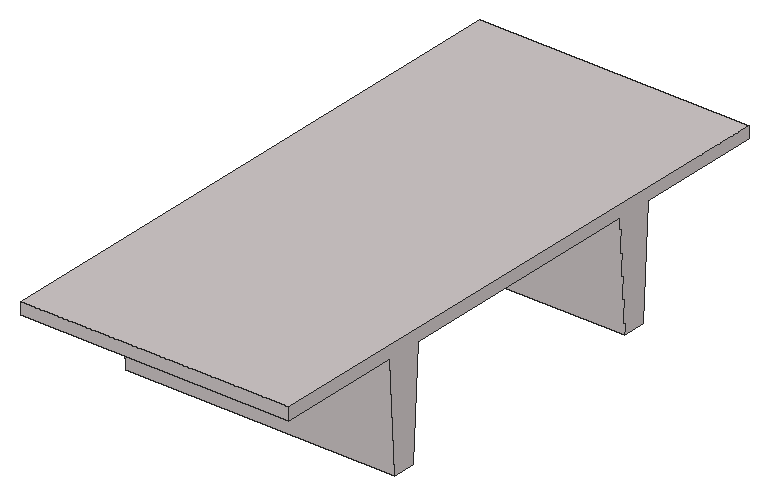
Revit family
Parameters (values of type "1200 x 500mm")
  Start Extension Calculation [instance] = 3012.5 mm + Start Extension  # 3000 mm
  Start Extension [instance] = -12.5 mm
  Keynote = "E"
  End Extension Calculation [instance] = 3012.5 mm + End Extension  # 3000 mm
  End Extension [instance] = -12.5 mm
  Beam Material [instance] = Concrete - Precast Concrete - 35 MPa
  Assembly Code = ""
  Depth = 500 mm
  Length [instance] = 1524 mm
  Slab Depth = 51 mm
  Stem Width = 95 mm
  Tee Width = 1200 mm
  Width = 2400 mm
Types (3, lengths in mm): name | Depth
  (no name) | 500
  1200 x 450mm | 450
  1200 x 500mm | 500
Reference planes
  plane 1 "Center (Front/Back)": y = 0
  plane 2: z = 0
  plane 3 "Center (Left/Right)": x = 4.61
  plane 4 "Member Left": x = -557.39
  plane 5 "Member Right": x = 566.61
  plane 6: y = 1200
  plane 7: y = -1200
  plane 8: z = 250
  plane 9 "Bottom": z = -250
  plane 10 "Left": x = -757.39
  plane 11 "Right": x = 766.61
  plane 12: x = -557.39
  plane 13: x = 566.61
  plane 14: x = 2442.61
  plane 15: x = -2433.39
Forms (mm)
  Sweep 1, solid, material "Concrete - Precast Concrete - 35 MPa" <- "Beam Material"
    path origin (0, 0, 0) x (1, 0, 0) y (0, 1, 0)
      loop
        line (566.61, 0) -> (-557.39, 0)
    profile "M_Double Tee-Profile : M_Double Tee-Profile" origin (4.61, 0, 0) x (0, -1, 0) y (0, 0, 1)
      loop
        line (-1200, 199) -> (-672.9, 199) -> (-647.5, -250) -> (-552.5, -250) -> (-527.1, 199) -> (527.1, 199) -> (552.5, -250) -> (647.5, -250) -> (672.9, 199) -> (1200, 199) -> (1200, 250) -> (-1200, 250) -> (-1200, 199)
Lines and regions (mm)
  symbolic lines, style "Hidden Faces", detail levels medium+fine
    curve 1: line (-557.39, 647.5, -250) -> (566.61, 647.5, -250)
    curve 2: line (-557.39, 552.25, -250) -> (566.61, 552.25, -250)
    curve 3: line (-557.39, -647.5, -250) -> (566.61, -647.5, -250)
    curve 4: line (-557.39, -552.5, -250) -> (566.61, -552.5, -250)
Dimensions and locks
  "Width": plane 6 to plane 7
  equal spacing: plane 9 "Bottom", plane 2, plane 8
  equal spacing: plane 6, plane 1 "Center (Front/Back)", plane 7
  "Depth": plane 9 "Bottom" to plane 8
  "Length": plane 10 "Left" to plane 11 "Right"
  locked: plane 4 "Member Left" to plane 14 at 3000
  locked: plane 15 to plane 5 "Member Right" at 3000
  "End Extension Calculation": plane 15 to plane 13
  "Start Extension Calculation": plane 12 to plane 14
  aligned and locked: plane 1 "Center (Front/Back)" to Sweep 1 sketch curve
  aligned and locked: plane 12 to Sweep 1 sketch curve
  aligned and locked: plane 13 to Sweep 1 sketch curve
  aligned and locked: plane 12 to curve 1
  aligned and locked: plane 12 to curve 2
  aligned and locked: plane 12 to curve 4
  aligned and locked: plane 12 to curve 3
  aligned and locked: plane 13 to curve 3
  aligned and locked: plane 13 to curve 4
  aligned and locked: plane 13 to curve 1
  aligned and locked: plane 13 to curve 2
Automatic sketch dimensions
  curve 2 to curve 1 = 95.25 mm
  plane 7 to curve 3 = 552.5 mm
  curve 3 to curve 4 = 95 mm
  curve 2 to plane 1 "Center (Front/Back)" = 552.25 mm
